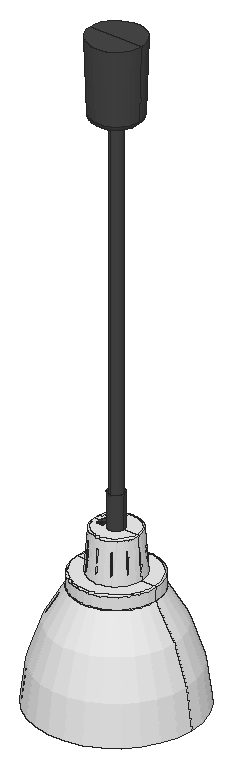
Revit family "Värmelampa Exclusive  23001", category Lighting Fixtures, host Ceiling, Revit 2020
Family settings
  Host = Ceiling
  Round Connector Dimension = Use Diameter
  Part Type = Normal
  OmniClass Number = 23.80.70.11
  OmniClass Title = Luminaries for Internal Lighting
  Always vertical = Yes
  Cut with Voids When Loaded = No
  Light Source = No
  Shared = No
  Room Calculation Point = No
Parameters (values of type "23001-C")
  Model = ""
  Lamp Type = Värmelampa Classic M 23001 : 22001-C
  Lamp Hanger Material = AMA - Glossy Black Dark
  Default Elevation = 0 mm
  Artikelnummer = "23001-C"
  Adjustable length [instance] = 950 mm
Types (2, lengths in mm): name | Lamp Type | Artikelnummer
  23001-S | Värmelampa Classic M 23001 : 22001-S | "23001-S"
  23001-C | Värmelampa Classic M 23001 : 22001-C | "23001-C"
Reference planes
  plane 1 "Light Source Axis (F/B)": y = 0
  plane 2: z = 0
  plane 3 "Light Source Axis (L/R)": x = 0
  plane 4 "Ceiling": z = 4000
  plane 5 "Light Source Elevation": z = 3750
  plane 6: z = 3050
  plane 7: x = -41
  plane 8: x = -120
  plane 9: x = 120
  plane 10: z = 3300
  plane 11: z = 3350
Forms (mm)
  Revolve 1, solid, material "AMA - Glossy Black Dark" <- "Lamp Hanger Material"
    sketch origin (0, 0, 0) x (1, 0, 0) y (0, 0, 1)
      loop
        line (0, 4000) -> (-41, 4000) -> (-36.917, 3890.827)
        arc (-36.917, 3890.827) -> (-35.084, 3886.73) -> (-30.921, 3885.051) r 6
        line (-30.921, 3885.051) -> (-16.62, 3885.051) -> (-17.038, 3911.02) -> (0, 3911.02) -> (0, 4000)
      axis (0, 3885.051) -> (0, 4000)
    angle from 0 to 360
  Extrusion 2, solid, material "AMA - Glossy Black Dark" <- "Lamp Hanger Material"
    sketch origin (-2507.68, 6000, 3494.441) x (0, 1, 0) y (1, 0, 0)
      loop
        circle (-6000, 2507.68) r 10
    from 144.441 to -416.579
Lines and regions (mm)
  symbolic lines
    curve 1: circle (0, 0, 3494.441) r 120 normal (0, 0, -1)
    curve 2: circle (0, 0, 3494.441) r 41 normal (0, 0, -1)
    curve 3: line (-99.182, -67.549, 3494.441) -> (99.092, 67.487, 3494.441)
    curve 4: line (99.182, -67.549, 3494.441) -> (-99.182, 67.549, 3494.441)
Dimensions and locks
  equal spacing: host sketch curve, plane 3 "Light Source Axis (L/R)", host sketch curve
  equal spacing: host sketch curve, plane 1 "Light Source Axis (F/B)", host sketch curve
  host sketch curve to host sketch curve = 4000 mm  (x2)
  plane 4 "Ceiling" to host ceiling = 0 mm
  "Adjustable length": plane 6 to plane 4 "Ceiling"
  plane 4 "Ceiling" to plane 5 "Light Source Elevation" = 250 mm
  plane 8 to plane 9 = 240 mm
  equal spacing: plane 8, plane 3 "Light Source Axis (L/R)", plane 9
  plane 6 to plane 11 = 300 mm
  plane 6 to plane 10 = 250 mm
  aligned and locked: Extrusion 2 to Revolve 1
  aligned and locked: nested 1 to plane 6
  aligned and locked: Extrusion 2 to plane 11
Automatic sketch dimensions
  plane 1 "Light Source Axis (F/B)" to Extrusion 2 sketch curve = 0 mm
  Extrusion 2 sketch curve to plane 3 "Light Source Axis (L/R)" = 0 mm
  Revolve 1 sketch curve to plane 4 "Ceiling" = 0 mm  (x2)
  Revolve 1 sketch curve to plane 7 = 0 mm
  Revolve 1 sketch curve to plane 3 "Light Source Axis (L/R)" = 0 mm  (x2)
  plane 7 to Revolve 1 sketch curve = 4.083 mm
  Revolve 1 sketch curve to Revolve 1 sketch curve = 5.996 mm
  Revolve 1 sketch curve to Revolve 1 sketch curve = 17.038 mm
  Revolve 1 sketch curve to Revolve 1 sketch curve = 14.301 mm
  plane 4 "Ceiling" to Revolve 1 sketch curve = 88.98 mm
  Revolve 1 sketch curve to Revolve 1 sketch curve = 19.969 mm
  Revolve 1 sketch curve to Revolve 1 sketch curve = 0.224 mm
  Revolve 1 sketch curve to Revolve 1 sketch curve = 65 mm
  curve 1 to curve 2 = 0 mm  (x2)
  plane 1 "Light Source Axis (F/B)" to curve 2 = 0 mm
  curve 2 to plane 3 "Light Source Axis (L/R)" = 0 mm
  plane 9 to curve 4 = 20.818 mm
  plane 1 "Light Source Axis (F/B)" to curve 4 = 67.549 mm
  curve 3 to plane 8 = 20.818 mm
  plane 9 to curve 3 = 20.908 mm
  curve 3 to plane 1 "Light Source Axis (F/B)" = 67.487 mm
  curve 4 to plane 8 = 20.818 mm
  radius of Extrusion 2 sketch curve = 10 mm
  radius of curve 2 = 41 mm
Nested families
  nested 1: "Värmelampa Classic M 23001" at (0, 0, 3050), type <- "Lamp Type", type "22001-C"
Definition of nested family "Värmelampa Classic M 23001"
  Parameters (values of type "23001-C")
    Main Body Material = none
    Lamp Hanger Material = none
    Default Elevation = 0 mm
    Artikelnummer = ""
  Types (6): name
    23001-C
    23001-S
    22001-M
    22001-Ko
    22001-S
    22001-C
  Reference planes
    plane 1 "Light Source Axis (F/B)": y = 0
    plane 2: z = 0
    plane 3 "Light Source Axis (L/R)": x = 0
    plane 4 "Light Source Elevation": z = 1500
    plane 5: x = -120
    plane 6: x = 120
    plane 7: z = 250
  Forms (mm)
    Revolve 1, solid, material <- "Main Body Material"
      sketch origin (321.816, 0, -3150) x (1, 0, 0) y (0, 0, 1)
        loop
          line (-258.439, 3316.02) -> (-258.439, 3333.964)
          arc (-258.439, 3333.964) -> (-259.025, 3335.378) -> (-260.439, 3335.964) r 2
          line (-260.439, 3335.964) -> (-281.796, 3335.964) -> (-286.147, 3398.177)
          arc (-286.147, 3398.177) -> (-286.765, 3399.474) -> (-288.101, 3400) r 1.96
          line (-288.101, 3400) -> (-321.816, 3400) -> (-321.816, 3398) -> (-288.139, 3398) -> (-283.661, 3333.964) -> (-260.439, 3333.964) -> (-260.439, 3314.952)
          arc (-260.439, 3314.952) -> (-219.755, 3236.723) -> (-203.818, 3150) r 297.164
          line (-203.818, 3150) -> (-201.816, 3150)
          arc (-201.816, 3150) -> (-217.68, 3236.836) -> (-258.194, 3315.262) r 299.164
          arc (-258.194, 3315.262) -> (-258.376, 3315.622) -> (-258.439, 3316.02) r 1.296
        axis (-321.816, 3400) -> (-321.816, 3150)
      angle from 0 to 360
    Extrusion 2, solid, material <- "Lamp Hanger Material"
      sketch origin (-1506.53, -5000, 250) x (-1, 0, 0) y (0, -1, 0)
        loop
          circle (-1506.53, -5000) r 12.5
      from 50 to 0
    Extrusion 3, void
      sketch origin (-6999.531, -66.458, 162.016) x (0, 0, 1) y (1, 0, 0)
        loop
          arc (38.658, 7001) -> (37.189, 6999.531) -> (38.658, 6998.062) r 1.469
          line (38.658, 6998.062) -> (70.46, 6998.062)
          arc (70.46, 6998.062) -> (71.928, 6999.531) -> (70.46, 7001) r 1.469
          line (70.46, 7001) -> (38.658, 7001)
      from 23.257 to 51.336
    Extrusion 4, void
      sketch origin (6999.531, 66.458, 162.016) x (0, 0, 1) y (-1, 0, 0)
        loop
          arc (38.658, 7001) -> (37.189, 6999.531) -> (38.658, 6998.062) r 1.469
          line (38.658, 6998.062) -> (70.46, 6998.062)
          arc (70.46, 6998.062) -> (71.928, 6999.531) -> (70.46, 7001) r 1.469
          line (70.46, 7001) -> (38.658, 7001)
      from 23.257 to 51.336
    Extrusion 5, void
      sketch origin (-6095.001, 3442.212, 162.016) x (0, 0, 1) y (0.866025, -0.5, 0)
        loop
          arc (38.658, 7001) -> (37.189, 6999.531) -> (38.658, 6998.063) r 1.469
          line (38.658, 6998.063) -> (70.46, 6998.063)
          arc (70.46, 6998.063) -> (71.928, 6999.531) -> (70.46, 7001) r 1.469
          line (70.46, 7001) -> (38.658, 7001)
      from 23.257 to 51.336
    Extrusion 6, void
      sketch origin (-3557.32, 6028.543, 162.016) x (0, 0, 1) y (0.5, -0.866025, 0)
        loop
          arc (38.658, 7001) -> (37.189, 6999.531) -> (38.658, 6998.063) r 1.469
          line (38.658, 6998.063) -> (70.46, 6998.063)
          arc (70.46, 6998.063) -> (71.928, 6999.531) -> (70.46, 7001) r 1.469
          line (70.46, 7001) -> (38.658, 7001)
      from 23.257 to 51.336
    Extrusion 7, void
      sketch origin (-66.458, 6999.531, 162.016) x (0, 0, 1) y (0, -1, 0)
        loop
          arc (38.658, 7001) -> (37.189, 6999.531) -> (38.658, 6998.062) r 1.469
          line (38.658, 6998.062) -> (70.46, 6998.062)
          arc (70.46, 6998.062) -> (71.928, 6999.531) -> (70.46, 7001) r 1.469
          line (70.46, 7001) -> (38.658, 7001)
      from 23.257 to 51.336
    Extrusion 8, void
      sketch origin (3442.212, 6095.001, 162.016) x (0, 0, 1) y (-0.5, -0.866025, 0)
        loop
          arc (38.658, 7001) -> (37.189, 6999.531) -> (38.658, 6998.063) r 1.469
          line (38.658, 6998.063) -> (70.46, 6998.063)
          arc (70.46, 6998.063) -> (71.928, 6999.531) -> (70.46, 7001) r 1.469
          line (70.46, 7001) -> (38.658, 7001)
      from 23.257 to 51.336
    Extrusion 9, void
      sketch origin (6028.543, 3557.32, 162.016) x (0, 0, 1) y (-0.866025, -0.5, 0)
        loop
          arc (38.658, 7001) -> (37.189, 6999.531) -> (38.658, 6998.063) r 1.469
          line (38.658, 6998.063) -> (70.46, 6998.063)
          arc (70.46, 6998.063) -> (71.928, 6999.531) -> (70.46, 7001) r 1.469
          line (70.46, 7001) -> (38.658, 7001)
      from 23.257 to 51.336
    Extrusion 10, void
      sketch origin (6095.001, 3442.212, 162.016) x (0, 0, 1) y (0.866025, 0.5, 0)
        loop
          line (38.658, -7001) -> (70.46, -7001)
          arc (70.46, -7001) -> (71.928, -6999.531) -> (70.46, -6998.063) r 1.469
          line (70.46, -6998.063) -> (38.658, -6998.063)
          arc (38.658, -6998.063) -> (37.189, -6999.531) -> (38.658, -7001) r 1.469
      from 23.257 to 51.336
    Extrusion 11, void
      sketch origin (3557.32, 6028.543, 162.016) x (0, 0, 1) y (0.5, 0.866025, 0)
        loop
          line (38.658, -7001) -> (70.46, -7001)
          arc (70.46, -7001) -> (71.928, -6999.531) -> (70.46, -6998.063) r 1.469
          line (70.46, -6998.063) -> (38.658, -6998.063)
          arc (38.658, -6998.063) -> (37.189, -6999.531) -> (38.658, -7001) r 1.469
      from 23.257 to 51.336
    Extrusion 12, void
      sketch origin (66.458, 6999.531, 162.016) x (0, 0, 1) y (0, 1, 0)
        loop
          line (38.658, -7001) -> (70.46, -7001)
          arc (70.46, -7001) -> (71.928, -6999.531) -> (70.46, -6998.062) r 1.469
          line (70.46, -6998.062) -> (38.658, -6998.062)
          arc (38.658, -6998.062) -> (37.189, -6999.531) -> (38.658, -7001) r 1.469
      from 23.257 to 51.336
    Extrusion 13, void
      sketch origin (-3442.212, 6095.001, 162.016) x (0, 0, 1) y (-0.5, 0.866025, 0)
        loop
          line (38.658, -7001) -> (70.46, -7001)
          arc (70.46, -7001) -> (71.928, -6999.531) -> (70.46, -6998.063) r 1.469
          line (70.46, -6998.063) -> (38.658, -6998.063)
          arc (38.658, -6998.063) -> (37.189, -6999.531) -> (38.658, -7001) r 1.469
      from 23.257 to 51.336
    Extrusion 14, void
      sketch origin (-6028.543, 3557.32, 162.016) x (0, 0, 1) y (-0.866025, 0.5, 0)
        loop
          line (38.658, -7001) -> (70.46, -7001)
          arc (70.46, -7001) -> (71.928, -6999.531) -> (70.46, -6998.063) r 1.469
          line (70.46, -6998.063) -> (38.658, -6998.063)
          arc (38.658, -6998.063) -> (37.189, -6999.531) -> (38.658, -7001) r 1.469
      from 23.257 to 51.336
    Extrusion 15, solid, material <- "Lamp Hanger Material"
      sketch origin (5999.305, 35.978, 250) x (1, 0, 0) y (0, -1, 0)
        loop
          line (-6013.857, 29) -> (-6013.857, 44) -> (-6023.857, 44) -> (-6023.857, 29) -> (-6013.857, 29)
        loop
          line (-6022.857, 43) -> (-6022.857, 30) -> (-6014.857, 30) -> (-6014.857, 43) -> (-6022.857, 43)
      from 0 to -1
    Extrusion 16, solid, material <- "Lamp Hanger Material"
      sketch origin (-24.552, -8.021, 250) x (0, 1, 0) y (0, 0, -1)
        loop
          line (14, 0) -> (1.191, 0) -> (1.191, -1) -> (1.798, -2.693)
          arc (1.798, -2.693) -> (2.088, -3.043) -> (2.534, -3.129) r 0.671
          line (2.534, -3.129) -> (14, -1.312) -> (14, 0)
      from -1 to -9
  Cuts and joins
    Extrusion 3, Extrusion 4, Extrusion 5, Extrusion 6, Extrusion 7, Extrusion 8, Extrusion 9, Extrusion 10, Extrusion 11, Extrusion 12, Extrusion 13, Extrusion 14 cuts Revolve 1
  Dimensions and locks
    plane 7 to plane 2 = 250 mm
    aligned and locked: level to plane 2
